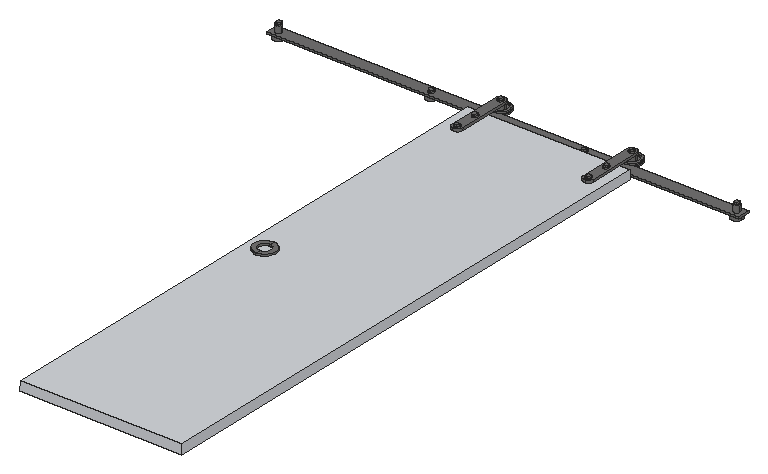
Revit family
Parameters (values of type "Steel, Black, 70"")
  zz Material 3 = Steel - Krown Lab - Black
  zz Material 2 = Steel - Krown Lab - Black
  zz Material 1 = Steel - Krown Lab - Black
  zz Length 9 [instance] = (zz Length 1 - 3.042") / 2  # 10.479"
  zz Length 8 = if(zz Integer 1 = 1, 116.000", if(zz Integer 1 = 3, 70.000", if(zz Integer 1 = 2, 94.000", 0.000")))  # 70.000"
  zz Length 7 [instance] = zz Length 8 - 1.000"  # 69.000"
  zz Length 6 [instance] = ((zz Length 8 + zz Length 10) - (zz Length 7) + zz Length 9) + 0.500"  # 83.979"
  zz Length 5 [instance] = (zz Length 8 + zz Length 10) - 1.500" - zz Length 9  # 130.021"
  zz Length 4 [instance] = 100.000"
  zz Length 3 [instance] = if(zz Length 4 > zz Length 5, zz Length 5, if(zz Length 4 < zz Length 6, zz Length 6, zz Length 4))  # 100.000"
  zz Length 2 [instance] = if(Has 1 Track Mount Spacer, 1.563", 2.750")  # 1.563"
  zz Length 10 = 72.000"  # constant formula
  zz Length 1 [instance] = if(Panel Width < 16.375", 16.375", Panel Width)  # 24.000"
  zz Integer 2 = 6
  zz Integer 1 = 3
  Panel Depth Actual [instance] = if(Panel Depth Desired < 1.375", 1.375", if(Panel Depth Desired > 1.750", 1.750", Panel Depth Desired))  # 1.375"
  URL = "http://www.krownlab.com/"
  Type Comments = "To Modify the Panel, edit the nested Panel Family and reload into the Door"  # constant formula
  Track Length [instance] = zz Length 8  # 70.000"
  Provide Feedback = "https://www.surveymonkey.com/s/3HJZTQD "
  Product Page URL = "http://krownlab.com/axel"
  Product Material = Steel - Krown Lab - Black
  Product Documentation Link = "http://krownlab.com/pdfs/KrownLab-AXEL-Product-Guide.pdf"
  Part Number [instance] = if(and(zz Integer 2 = 6, zz Integer 1 = 1), "L83", if(and(zz Integer 2 = 6, zz Integer 1 = 2), "L82", if(and(zz Integer 2 = 6, zz Integer 1 = 3), "L81", if(and(zz Integer 2 = 5, zz Integer 1 = 1), "L73", if(and(zz Integer 2 = 5, zz Integer 1 = 2), "L72", if(and(zz Integer 2 = 5, zz Integer 1 = 3), "L71", "Not Available"))))))  # "L81"
  Part Description [instance] = if(and(zz Integer 2 = 6, zz Integer 1 = 1), "Axel 116 Inch Black Steel Sliding Track For Custom Sized Panels", if(and(zz Integer 2 = 6, zz Integer 1 = 2), "Axel 94 Inch Black Steel Sliding Track For Custom Sized Panels", if(and(zz Integer 2 = 6, zz Integer 1 = 3), "Axel 70 Inch Black Steel Sliding Track For Custom Sized Panels", if(and(zz Integer 2 = 5, zz Integer 1 = 1), "Axel 116 Inch Raw Steel Sliding Track For Custom Sized Panels", if(and(zz Integer 2 = 5, zz Integer 1 = 2), "Axel 94 Inch Raw Steel Sliding Track For Custom Sized Panels", if(and(zz Integer 2 = 5, zz Integer 1 = 3), "Axel 70 Inch Raw Steel Sliding Track For Custom Sized Panels", "Not Available"))))))  # "Axel 70 Inch Black Steel Sliding Track For Custom Sized Panels"
  Panel Width [instance] = 24.000"
  Panel Material [instance] = none
  Panel Height [instance] = 83.000"
  Panel Depth Desired [instance] = 1.375"
  Original Creation Date = "1/8/2014"  # constant formula
  Mounting Hardware [instance] = "Face Mount"  # constant formula
  Model Disclaimer = "For More Information, Contact Krown Lab"  # constant formula
  Model = "See Part Number"  # constant formula
  Max Panel Weight [instance] = 150.00 lbf  # constant formula
  Manufacturer = "Krown Lab"  # constant formula
  Has 2 Track Mount Spacers [instance] = not(Has 1 Track Mount Spacer)  # no
  Has 1 Track Mount Spacer [instance] = yes
  Handle Material = Steel - Krown Lab - Black
  Handle [instance] = Handle : Ring Pull
  Family Version = "1.0.0"  # constant formula
  Equipment Number [instance] = ""
  Equipment Abbreviation = "DR"
  Description = "See Part Description"  # constant formula
  Date Last Modified = "1/8/2014"  # constant formula
  Copyright = "Copyright © Krown Lab"  # constant formula
  Configuration [instance] = "Available"  # constant formula
  Assembly Code = ""
Types (6): name | zz Material 3 | zz Material 2 | zz Material 1 | zz Length 8 | zz Length 7 | zz Length 5 | zz Integer 2 | zz Integer 1 | Track Length | Product Material | Part Number | Part Description | Handle Material
  Steel, Raw, 94" | Steel - Krown Lab - Raw | Steel - Krown Lab - Raw | Stainless Steel - Krown Lab - Brushed | 94.000" | 93.000" | 154.021" | 5 | 2 | 94.000" | Steel - Krown Lab - Raw | "L72" | "Axel 94 Inch Raw Steel Sliding Track For Custom Sized Panels" | Steel - Krown Lab - Raw
  Steel, Black, 94" | Steel - Krown Lab - Black | Steel - Krown Lab - Black | Steel - Krown Lab - Black | 94.000" | 93.000" | 154.021" | 6 | 2 | 94.000" | Steel - Krown Lab - Black | "L82" | "Axel 94 Inch Black Steel Sliding Track For Custom Sized Panels" | Steel - Krown Lab - Black
  Steel, Raw, 70" | Steel - Krown Lab - Raw | Steel - Krown Lab - Raw | Stainless Steel - Krown Lab - Brushed | 70.000" | 69.000" | 130.021" | 5 | 3 | 70.000" | Steel - Krown Lab - Raw | "L71" | "Axel 70 Inch Raw Steel Sliding Track For Custom Sized Panels" | Steel - Krown Lab - Raw
  Steel, Black, 70" | Steel - Krown Lab - Black | Steel - Krown Lab - Black | Steel - Krown Lab - Black | 70.000" | 69.000" | 130.021" | 6 | 3 | 70.000" | Steel - Krown Lab - Black | "L81" | "Axel 70 Inch Black Steel Sliding Track For Custom Sized Panels" | Steel - Krown Lab - Black
  Steel, Black, 116" | Steel - Krown Lab - Black | Steel - Krown Lab - Black | Steel - Krown Lab - Black | 116.000" | 115.000" | 176.021" | 6 | 1 | 116.000" | Steel - Krown Lab - Black | "L83" | "Axel 116 Inch Black Steel Sliding Track For Custom Sized Panels" | Steel - Krown Lab - Black
  Steel, Raw, 116" | Steel - Krown Lab - Raw | Steel - Krown Lab - Raw | Stainless Steel - Krown Lab - Brushed | 116.000" | 115.000" | 176.021" | 5 | 1 | 116.000" | Steel - Krown Lab - Raw | "L73" | "Axel 116 Inch Raw Steel Sliding Track For Custom Sized Panels" | Steel - Krown Lab - Raw
Reference planes (in)
  plane 1 "Center (Front/Back)": y = 0
  plane 2: z = 0
  plane 3 "Center (Left/Right)": x = 0
  plane 4: x = -35
  plane 5: x = 35
  plane 6: x = 107
  plane 7: x = 7
  plane 8: y = -85.063
  plane 9: y = -2.063
  plane 10: y = -43.563
  plane 11: y = -43.063
  plane 12: x = -5
  plane 13: x = 19
  plane 14: x = -2.3
  plane 15: z = 0.188
  plane 16: z = 1.563
  plane 17: z = 0.8755
Lines and regions (in)
  reference lines
    curve 1: line (7, -2.063, 0) -> (7, -85.063, 0)
Text (in)
  text "To Modify the Panel, edit the nested Panel Family and reload into the Door" at (-131.64405, 24.70718, 0), in view "Ref. Level"
Dimensions and locks (in)
  equal spacing: plane 4, plane 3 "Center (Left/Right)", plane 5
  "zz Length 8": plane 4 to plane 5
  "zz Length 10": plane 5 to plane 6
  "zz Length 4": curve 1 to plane 6
  "zz Length 3": plane 7 to plane 6
  "Panel Height": plane 9 to plane 8
  locked: plane 9 to plane 1 "Center (Front/Back)" at 2.063
  equal spacing: plane 12, plane 7, plane 13
  "zz Length 1": plane 12 to plane 13
  locked: plane 12 to plane 14 at 2.7
  "Panel Depth Actual": plane 16 to plane 15
  "zz Length 2": plane 16 to plane 2
  equal spacing: plane 9, plane 10, plane 8
  equal spacing: plane 16, plane 17, plane 15
  locked: plane 11 to plane 8 at 42
  aligned and locked: plane 2 to level
  aligned and locked: plane 8 to curve 1
  aligned and locked: nested 1 to plane 10
  aligned and locked: plane 7 to nested 1
  aligned and locked: nested 2 to plane 11
  aligned and locked: plane 14 to nested 2
  aligned and locked: nested 3 to plane 4
  aligned and locked: plane 9 to curve 1
Nested families (in)
  nested 1: "Panel" at (7, -43.563, 0.188), Panel Width <- "zz Length 1", Panel Thickness <- "Panel Depth Actual", Panel Height <- "Panel Height", Panel Material <- "Panel Material", type "Standard"
    with Panel Width 24.000", Panel Thickness 1.375", Panel Material none, Panel Height 83.000"
  nested 2: "Handle" at (-2.3, -43.063, 0.8755), Panel Thickness <- "Panel Depth Actual", Material <- "zz Material 3", type <- "Handle", Rail Material <- "zz Material 2", type "Ring Pull", detail levels fine
    with Rail Material Steel - Krown Lab - Black, Panel Thickness 1.375", Material Steel - Krown Lab - Black, Handle Height 18.000"
  nested 3: "Axel Track" at (-35, 0, 0), Panel Width <- "zz Length 1", Panel Height <- "Panel Height", Panel Depth <- "Panel Depth Actual", z Panel Location Desired <- "zz Length 3", z Trolly Material <- "zz Material 1", Product Material <- "Product Material", z Track Offset <- "zz Length 10", Has 1 Track Mount Spacer <- "Has 1 Track Mount Spacer", z Track Length <- "zz Length 8", type "Standard"
    with z Trolly Material Steel - Krown Lab - Black, z Track Offset 72.000", z Track Length 70.000", z Spacer Offset 1.543", z Panel Width 24.000", z Panel Overlap 12.000", z Panel Offset 1.875", z Panel Location Desired 100.000", z Panel Location 100.000", z Panel Height 83.000", z PL Min 83.979", z PL Max 130.021", z Hole Location 69.000", Q A 10.479", Product Material Steel - Krown Lab - Black, Panel Width 24.000", Panel Height 83.000", Panel Depth 1.375", Opening Width 0.000", built-in parameter 1001306 5.8333 (stored number, unit not read), Has 2 Track Mount Spacers no, Has 1 Track Mount Spacer yes
Definition of nested family "Panel"
  Parameters (values of type "Standard")
    Panel Width [instance] = 58.000"
    Panel Thickness [instance] = 3.000"
    Panel Material [instance] = none
    Panel Height [instance] = 102.000"
    Assembly Code = ""
  Reference planes (in)
    plane 1 "Center (Front/Back)": y = 0
    plane 2: z = 0
    plane 3 "Center (Left/Right)": x = 0
    plane 4: y = -51
    plane 5: y = 51
    plane 6: x = -29
    plane 7: x = 29
    plane 8: z = 3
  Forms (in)
    Extrusion 1, solid, material <- "Panel Material"
      sketch origin (0, 0, 0) x (1, 0, 0) y (0, 1, 0)
        loop
          line (-29, 51) -> (-29, -51) -> (29, -51) -> (29, 51) -> (-29, 51)
      from 0 to 3
  Lines and regions (in)
    Masking region 1
      outline origin (0, 0, 0) x (1, 0, 0) y (0, 0, 1)
        loop
          line (-29, 3) -> (-29, 0) -> (29, 0) -> (29, 3) -> (-29, 3)
  Text (in)
    text "This Family is intended to be editable,\n\nbut dont modify the presently applied parameters\n\n(Panel Width, Panel Height, Panel Thickness)\n\nor the constraints." at (-58.6655, -74.93645, 0), in view "Ref. Level"
  Dimensions and locks (in)
    equal spacing: plane 6, plane 3 "Center (Left/Right)", plane 7
    equal spacing: plane 5, plane 1 "Center (Front/Back)", plane 4
    "Panel Height": plane 5 to plane 4
    "Panel Width": plane 6 to plane 7
    "Panel Thickness": plane 8 to plane 2
    aligned and locked: plane 2 to level
    aligned and locked: Extrusion 1 sketch curve to plane 5
    aligned and locked: Extrusion 1 sketch curve to plane 6
    aligned and locked: plane 4 to Extrusion 1 sketch curve
    aligned and locked: plane 7 to Extrusion 1 sketch curve
    aligned and locked: Extrusion 1 to plane 2
    aligned and locked: plane 8 to Extrusion 1
    aligned and locked: Masking region 1 sketch curve to plane 6
    aligned and locked: Masking region 1 sketch curve to plane 8
    aligned and locked: plane 2 to Masking region 1 sketch curve
    aligned and locked: plane 7 to Masking region 1 sketch curve
Definition of nested family "Handle"
  Parameters (values of type "None")
    Rings Visible = no
    Rail Material [instance] = none
    Panel Thickness [instance] = 4.000"
    Material [instance] = none
    Handle Height [instance] = 18.000"
    Front Rail Visible = no
    Back Rail Visible = no
    Assembly Code = ""
  Types (4): name | Rings Visible | Front Rail Visible | Back Rail Visible
    None | no | no | no
    Ring Pull | yes | no | no
    18" Rail Pull | no | yes | no
    18" Rail Pull, Double Sided | no | yes | yes
  Reference planes (in)
    plane 1 "Center (Front/Back)": y = 0
    plane 2: z = 0
    plane 3 "Center (Left/Right)": x = 0
    plane 4: y = -9
    plane 5: y = 9
    plane 6: x = -0.375
    plane 7: x = 0.375
    plane 8: z = 2
    plane 9: z = -2
    plane 10: z = 4
    plane 11: z = -4
    plane 12: y = 0.9375
    plane 13: y = 1.625
    plane 14: z = 2.1875
    plane 15: z = -2.1875
  Forms (in)
    Extrusion 1, solid, material <- "Rail Material", visible <- "Front Rail Visible"
      sketch origin (0, 0, 0) x (1, 0, 0) y (0, 1, 0)
        loop
          line (-0.375, 9) -> (-0.375, -9) -> (0.375, -9) -> (0.375, 9) -> (-0.375, 9)
      from 2 to 4
    Extrusion 2, solid, material <- "Rail Material", visible <- "Back Rail Visible"
      sketch origin (0, 0, 0) x (1, 0, 0) y (0, 1, 0)
        loop
          line (-0.375, 9) -> (-0.375, -9) -> (0.375, -9) -> (0.375, 9) -> (-0.375, 9)
      from -4 to -2
    Revolve 3, solid, material <- "Material", visible <- "Rings Visible"
      sketch origin (0, 0, 0) x (0, 1, 0) y (0, 0, 1)
        loop
          line (0.9375, 2.1875) -> (0.9375, 2) -> (1.625, 2) -> (1.625, 2.1875) -> (0.9375, 2.1875)
        loop
          line (0.9375, -2) -> (0.9375, -2.1875) -> (1.625, -2.1875) -> (1.625, -2) -> (0.9375, -2)
        axis (0, -2.1875) -> (0, 2.1875)
      angle from 0 to 360
  Dimensions and locks (in)
    equal spacing: plane 4, plane 1 "Center (Front/Back)", plane 5
    "Handle Height": plane 5 to plane 4
    plane 6 to plane 3 "Center (Left/Right)" to plane 7 = 0.375" locked, 0.375" locked
    equal spacing: plane 8, plane 2, plane 9
    "Panel Thickness": plane 8 to plane 9
    plane 10 to plane 14 to plane 8 = 1.8125" locked, 0.1875" locked
    plane 9 to plane 15 to plane 11 = 0.1875" locked, 1.8125" locked
    aligned and locked: plane 2 to level
    aligned and locked: Extrusion 1 sketch curve to plane 5
    aligned and locked: Extrusion 1 sketch curve to plane 6
    aligned and locked: plane 4 to Extrusion 1 sketch curve
    aligned and locked: plane 7 to Extrusion 1 sketch curve
    aligned and locked: Extrusion 1 to plane 8
    aligned and locked: plane 10 to Extrusion 1
    aligned and locked: plane 4 to Extrusion 2 sketch curve
    aligned and locked: Extrusion 2 sketch curve to plane 5
    aligned and locked: plane 7 to Extrusion 2 sketch curve
    aligned and locked: Extrusion 2 sketch curve to plane 6
    aligned and locked: Extrusion 2 to plane 11
    aligned and locked: plane 9 to Extrusion 2
    aligned and locked: plane 15 to Revolve 3 sketch curve
    aligned and locked: Revolve 3 sketch curve to plane 13  (x2)
    aligned and locked: Revolve 3 sketch curve to plane 14
    aligned and locked: Revolve 3 sketch curve to plane 9
    aligned and locked: plane 8 to Revolve 3 sketch curve
    aligned and locked: plane 12 to Revolve 3 sketch curve  (x2)
    aligned and locked: Revolve 3 sketch curve to plane 1 "Center (Front/Back)"
  Automatic sketch dimensions
    Revolve 3 sketch curve to plane 11 = 20.000"
    plane 10 to Revolve 3 sketch curve = 88.27586"
Definition of nested family "Axel Track"
  Parameters (values of type "Standard")
    z Trolly Material [instance] = Steel - Krown Lab - Raw
    z Track Offset [instance] = 72.000"
    z Track Length [instance] = 94.000"
    z Spacer Offset [instance] = if(Has 1 Track Mount Spacer, 1.543", 2.170")  # 2.170"
    z Panel Width [instance] = if(Panel Width < 16.375", 16.375", Panel Width)  # 24.042"
    z Panel Overlap [instance] = (Panel Width - Opening Width) / 2  # -2.979"
    z Panel Offset [instance] = 1.250"
    z Panel Location Desired [instance] = 100.000"
    z Panel Location [instance] = if(z Panel Location Desired > z PL Max, z PL Max, if(z Panel Location Desired < z PL Min, z PL Min, z Panel Location Desired))  # 100.000"
    z Panel Height [instance] = if(Panel Height < 4.750", 4.750", Panel Height)  # 84.000"
    z PL Min [instance] = (([built-in parameter 1001306] + z Track Offset) - (z Hole Location) + Q A) + 0.500"  # 84.000"
    z PL Max [instance] = ([built-in parameter 1001306] + z Track Offset) - 1.500" - Q A  # 154.000"
    z Hole Location [instance] = [built-in parameter 1001306] - 1.000"  # 93.000"
    URL = ""
    Type Comments = ""
    Q A [instance] = (z Panel Width - 3.042") / 2  # 10.500"
    Product Material [instance] = Steel - Krown Lab - Raw
    Panel Width [instance] = 24.042"
    Panel Height [instance] = 84.000"
    Panel Depth [instance] = 1.750"
    Opening Width [instance] = 30.000"
    Model = ""
    Manufacturer = ""
    built-in parameter 1001306 [instance] = z Track Length  # 94.000"
    Has 2 Track Mount Spacers [instance] = not(Has 1 Track Mount Spacer)  # yes
    Has 1 Track Mount Spacer [instance] = no
    Handle Material = none
    Description = ""
    Assembly Code = ""
  Reference planes (in)
    plane 1 "Center (Front/Back)": y = 0
    plane 2: z = 0
    plane 3 "Left": x = 0
    plane 4 "Right": x = 94
    plane 5: z = 0.375
    plane 6: z = 1.095
    plane 7: z = -0.5
    plane 8: z = 1.245
    plane 9: z = 2.17
    plane 10: z = 2.47
    plane 11: z = 1.25
    plane 12: x = 1
    plane 13: x = 67
    plane 14: y = -44.0625
    plane 15: y = -86.0625
    plane 16: y = -44.0625
    plane 17: y = 1.075
    plane 18: y = 1.2
    plane 19: y = -2.0625
    plane 20: y = -1.75
    plane 21: y = -0.875
    plane 22: y = -6.8125
    plane 23: x = 53.979
    plane 24: x = 66
    plane 25: x = 78.021
    plane 26: x = 52.721
    plane 27: x = 55.5
    plane 28: x = 57
    plane 29: x = 56.25
    plane 30: x = 76.5
    plane 31: x = 75.75
    plane 32: x = 75
    plane 33: x = 166
    plane 34: y = -2.55
    plane 35: x = -1
    plane 36: x = 95
    plane 37: y = 4.075
    plane 38: y = -87.0625
    plane 39: z = -1
    plane 40: z = 2.25
    plane 41: y = 1.928
    plane 42: y = -7.424
    plane 43: y = -0.66
    plane 44: z = 0.695
    plane 45: z = 1.22
    plane 46: z = 1.47
    plane 47: z = 2.67
    plane 48: y = 0.75
    plane 49: y = 0.5625
    plane 50: y = 0.1875
    plane 51: x = 93
    plane 52: y = -3.5625
    plane 53: z = 2.87
    plane 54: z = 2.763
    plane 55: z = 0.677
    plane 56: x = 31.66667
    plane 57: x = 62.33333
    plane 58: z = 2.53
    plane 59: z = 2.765
    plane 60: z = 2.375
    plane 61: z = 1.595
    plane 62: z = 1.53
    plane 63: z = 1.765
  Forms (in)
    Extrusion 1, solid, material "Steel - Krown Lab - Raw" <- "Product Material"
      sketch origin (0, 0, 0) x (1, 0, 0) y (0, 1, 0)
        loop
          line (0, 0) -> (0, -1.75) -> (94, -1.75) -> (94, 0) -> (0, 0)
      from 1.22 to 1.47
    Extrusion 2, solid, material "Steel - Krown Lab - Raw" <- "z Trolly Material", detail levels medium+fine
      sketch origin (0, 0, 0) x (1, 0, 0) y (0, 1, 0)
        loop
          circle (56.25, 1.2) r 1.39
        loop
          circle (75.75, 1.2) r 1.4375
      from 1.095 to 1.595
    Extrusion 3, solid, material "Steel - Krown Lab - Raw" <- "Product Material", detail levels medium+fine
      sketch origin (0, 0, 0) x (1, 0, 0) y (0, 1, 0)
        loop
          arc (55.5, -6.8125) -> (56.25, -7.5625) -> (57, -6.8125) r 0.75
          line (57, -6.8125) -> (57, 1.2)
          arc (57, 1.2) -> (56.25, 1.95) -> (55.5, 1.2) r 0.75
          line (55.5, 1.2) -> (55.5, -6.8125)
        loop
          arc (75, -6.8125) -> (75.75, -7.5625) -> (76.5, -6.8125) r 0.75
          line (76.5, -6.8125) -> (76.5, 1.2)
          arc (76.5, 1.2) -> (75.75, 1.95) -> (75, 1.2) r 0.75
          line (75, 1.2) -> (75, -6.8125)
      from 2.17 to 2.47
    Extrusion 4, void
      sketch origin (0, 0, 0) x (1, 0, 0) y (0, 1, 0)
        loop
          circle (56.25, 1.2) r 1.065
      from 1.47 to 1.595
    Extrusion 5, void
      sketch origin (0, 0, 0) x (1, 0, 0) y (0, 1, 0)
        loop
          circle (56.25, 1.2) r 1.03096
      from 1.095 to 1.22
    Extrusion 6, void
      sketch origin (0, 0, 0) x (1, 0, 0) y (0, 1, 0)
        loop
          circle (56.25, 1.2) r 1.438
        loop
          circle (56.25, 1.2) r 1.2375
      from 1.22 to 1.47
    Extrusion 7, void
      sketch origin (0, 0, 0) x (1, 0, 0) y (0, 1, 0)
        loop
          circle (75.75, 1.2) r 1.065
      from 1.47 to 1.595
    Extrusion 8, void
      sketch origin (0, 0, 0) x (1, 0, 0) y (0, 1, 0)
        loop
          circle (75.75, 1.2) r 1.03096
      from 1.095 to 1.22
    Extrusion 9, void
      sketch origin (0, 0, 0) x (1, 0, 0) y (0, 1, 0)
        loop
          circle (75.75, 1.2) r 1.4375
        loop
          circle (75.75, 1.2) r 1.2375
      from 1.22 to 1.47
    Extrusion 10, solid, material "Steel - Krown Lab - Raw" <- "z Trolly Material", detail levels fine
      sketch origin (0, 0, 0) x (1, 0, 0) y (0, 1, 0)
        loop
          line (56.575, 1.2) -> (56.4125, 1.48146) -> (56.0875, 1.48146) -> (55.925, 1.2) -> (56.0875, 0.91854) -> (56.4125, 0.91854) -> (56.575, 1.2)
        loop
          line (56.575, -3.5625) -> (56.4125, -3.28104) -> (56.0875, -3.28104) -> (55.925, -3.5625) -> (56.0875, -3.84396) -> (56.4125, -3.84396) -> (56.575, -3.5625)
        loop
          line (56.575, -6.8125) -> (56.4125, -6.53104) -> (56.0875, -6.53104) -> (55.925, -6.8125) -> (56.0875, -7.09396) -> (56.4125, -7.09396) -> (56.575, -6.8125)
        loop
          line (76.075, -3.5625) -> (75.9125, -3.28104) -> (75.5875, -3.28104) -> (75.425, -3.5625) -> (75.5875, -3.84396) -> (75.9125, -3.84396) -> (76.075, -3.5625)
        loop
          line (76.075, -6.8125) -> (75.9125, -6.53104) -> (75.5875, -6.53104) -> (75.425, -6.8125) -> (75.5875, -7.09396) -> (75.9125, -7.09396) -> (76.075, -6.8125)
        loop
          line (76.075, 1.2) -> (75.9125, 1.48146) -> (75.5875, 1.48146) -> (75.425, 1.2) -> (75.5875, 0.91854) -> (75.9125, 0.91854) -> (76.075, 1.2)
      from 2.53 to 2.765
    Extrusion 11, solid, material "Steel - Krown Lab - Black", detail levels fine
      sketch origin (0, 0, 0) x (1, 0, 0) y (0, 1, 0)
        loop
          circle (31.66667, -0.875) r 0.8
        loop
          circle (62.33333, -0.875) r 0.8
        loop
          circle (1, -0.875) r 0.8
        loop
          circle (93, -0.875) r 0.8
      from 0 to 1.22
    Extrusion 12, solid, material "Steel - Krown Lab - Raw" <- "z Trolly Material", detail levels fine
      sketch origin (0, 0, 0) x (1, 0, 0) y (0, 1, 0)
        loop
          circle (56.25, 1.2) r 0.4
        loop
          circle (75.75, 1.2) r 0.4
        loop
          circle (56.25, -3.5625) r 0.4
        loop
          circle (75.75, -3.5625) r 0.4
        loop
          circle (56.25, -6.8125) r 0.4
        loop
          circle (75.75, -6.8125) r 0.4
      from 2.47 to 2.53
    Extrusion 13, solid, material "Steel - Krown Lab - Black", detail levels fine
      sketch origin (0, 0, 0) x (1, 0, 0) y (0, 1, 0)
        loop
          circle (1, -0.875) r 0.415
        loop
          circle (93, -0.875) r 0.415
      from 1.47 to 2.47
    Extrusion 14, solid, material "Steel - Krown Lab - Raw" <- "z Trolly Material", detail levels fine
      sketch origin (0, 0, 0) x (1, 0, 0) y (0, 1, 0)
        loop
          line (1.325, -0.875) -> (1.1625, -0.59354) -> (0.8375, -0.59354) -> (0.675, -0.875) -> (0.8375, -1.15646) -> (1.1625, -1.15646) -> (1.325, -0.875)
        loop
          line (93.325, -0.875) -> (93.1625, -0.59354) -> (92.8375, -0.59354) -> (92.675, -0.875) -> (92.8375, -1.15646) -> (93.1625, -1.15646) -> (93.325, -0.875)
      from 2.53 to 2.765
    Extrusion 15, solid, material "Steel - Krown Lab - Raw" <- "z Trolly Material", detail levels medium+fine
      sketch origin (0, 0, 0) x (1, 0, 0) y (0, 1, 0)
        loop
          circle (56.25, 1.2) r 0.625
        loop
          circle (75.75, 1.2) r 0.625
      from 1.47 to 2.17
    Extrusion 16, solid, material "Steel - Krown Lab - Raw" <- "z Trolly Material", detail levels fine
      sketch origin (0, 0, 0) x (1, 0, 0) y (0, 1, 0)
        loop
          line (31.99167, -0.875) -> (31.82917, -0.59354) -> (31.50417, -0.59354) -> (31.34167, -0.875) -> (31.50417, -1.15646) -> (31.82917, -1.15646) -> (31.99167, -0.875)
        loop
          line (62.65833, -0.875) -> (62.49583, -0.59354) -> (62.17083, -0.59354) -> (62.00833, -0.875) -> (62.17083, -1.15646) -> (62.49583, -1.15646) -> (62.65833, -0.875)
      from 1.53 to 1.765
    Extrusion 17, solid, material "Steel - Krown Lab - Raw" <- "z Trolly Material", detail levels fine
      sketch origin (0, 0, 0) x (1, 0, 0) y (0, 1, 0)
        loop
          circle (31.66667, -0.875) r 0.4
        loop
          circle (62.33333, -0.875) r 0.4
      from 1.47 to 1.53
    Extrusion 18, solid, material "Steel - Krown Lab - Raw" <- "z Trolly Material", detail levels fine
      sketch origin (0, 0, 0) x (1, 0, 0) y (0, 1, 0)
        loop
          circle (1, -0.875) r 0.4
        loop
          circle (93, -0.875) r 0.4
      from 2.47 to 2.53
  Cuts and joins
    Extrusion 4, Extrusion 5, Extrusion 6, Extrusion 7, Extrusion 8, Extrusion 9 cuts Extrusion 2
  Lines and regions (in)
    Masking region 1
      outline origin (0, 0, 0) x (1, 0, 0) y (0, 0, 1)
        loop
          line (0, 2.17) -> (0, 1.095) -> (94, 1.095) -> (94, 2.17) -> (0, 2.17)
    reference lines
      curve 1: line (0, 0, 0) -> (94, 0, 0)
  Text (in)
    text "To Modify the Panel, edit the nested Panel Family and reload into the Door" at (-101.19156, 12.03068, 0), in view "Ref. Level"
  Dimensions and locks (in)
    "built-in parameter 1001306": plane 3 "Left" to plane 4 "Right"
    equal spacing: plane 11, plane 5, plane 7
    "z Panel Offset": plane 11 to plane 2
    "Panel Depth": plane 11 to plane 7
    "z Spacer Offset": plane 9 to plane 2
    equal spacing: plane 19, plane 14, plane 15
    locked: plane 16 to plane 15 at 42
    plane 18 to plane 17 to plane 48 to plane 49 to plane 50 to plane 1 "Center (Front/Back)" to plane 21 to plane 20 to plane 19 to plane 34 to plane 22 to plane 42 = 0.125" locked, 0.325" locked, 0.1875" locked, 0.375" locked, 0.1875" locked, 0.875", 0.875", 0.3125", 0.4875", 4.2625", 0.6115"
    "z Panel Height": plane 19 to plane 15
    plane 10 to plane 9 to plane 61 to plane 8 to plane 6 to plane 44 = 0.300" locked, 0.575" locked, 0.350" locked, 0.150" locked, 0.400" locked
    equal spacing: plane 23, plane 24, plane 25
    plane 26 to plane 23 to plane 27 to plane 29 to plane 28 = 1.258" locked, 1.521" locked, 0.750" locked, 0.750" locked
    plane 32 to plane 31 to plane 30 to plane 25 = 0.750" locked, 0.750" locked, 1.521" locked
    "z Track Offset": plane 4 "Right" to plane 33
    locked: plane 35 to plane 3 "Left" at 1
    locked: plane 4 "Right" to plane 36 at 1
    locked: plane 37 to plane 18 at 2.875
    locked: plane 15 to plane 38 at 1
    locked: plane 2 to plane 39 at 1
    locked: plane 40 to plane 11 at 1
    locked: plane 45 to plane 6 at 0.125
    locked: plane 47 to plane 9 at 0.5
    locked: plane 3 "Left" to plane 12 at 1
    locked: plane 19 to plane 52 at 1.5
    locked: plane 53 to plane 10 at 0.4
    locked: plane 54 to plane 10 at 0.293
    locked: plane 54 to plane 55 at 2.086
    locked: plane 18 to plane 41 at 0.728
    locked: plane 43 to plane 41 at 2.588
    "z Hole Location": plane 3 "Left" to plane 51
    "z Track Length": plane 3 "Left" to plane 4 "Right"
    "z Panel Location": plane 24 to plane 33
    "Panel Width": plane 23 to plane 25
    equal spacing: plane 12, plane 56, plane 57, plane 51
    locked: plane 58 to plane 10 at 0.06
    locked: plane 59 to plane 58 at 0.235
    Extrusion 10 sketch curve to Extrusion 10 sketch curve to Extrusion 10 sketch curve to Extrusion 10 sketch curve to Extrusion 10 sketch curve to Extrusion 10 sketch curve to Extrusion 10 sketch curve to Extrusion 10 sketch curve to Extrusion 10 sketch curve to plane 29 to Extrusion 10 sketch curve to Extrusion 10 sketch curve to Extrusion 10 sketch curve to Extrusion 10 sketch curve to Extrusion 10 sketch curve to Extrusion 10 sketch curve to Extrusion 10 sketch curve to Extrusion 10 sketch curve to Extrusion 10 sketch curve = 0.000" locked, 0.000" locked, 0.1625" locked, 0.000" locked, 0.000" locked, 0.000" locked, 0.000" locked, 0.000" locked, 0.1625" locked, 0.1625" locked, 0.000" locked, 0.000" locked, 0.000" locked, 0.000" locked, 0.000" locked, 0.1625" locked, 0.000" locked, 0.000" locked
    Extrusion 10 sketch curve to Extrusion 10 sketch curve to Extrusion 10 sketch curve to Extrusion 10 sketch curve to Extrusion 10 sketch curve to Extrusion 10 sketch curve to Extrusion 10 sketch curve to Extrusion 10 sketch curve to Extrusion 10 sketch curve to plane 31 to Extrusion 10 sketch curve to Extrusion 10 sketch curve to Extrusion 10 sketch curve to Extrusion 10 sketch curve to Extrusion 10 sketch curve to Extrusion 10 sketch curve to Extrusion 10 sketch curve to Extrusion 10 sketch curve to Extrusion 10 sketch curve = 0.000" locked, 0.000" locked, 0.1625" locked, 0.000" locked, 0.000" locked, 0.000" locked, 0.000" locked, 0.000" locked, 0.1625" locked, 0.1625" locked, 0.000" locked, 0.000" locked, 0.000" locked, 0.000" locked, 0.000" locked, 0.1625" locked, 0.000" locked, 0.000" locked
    Extrusion 10 sketch curve to plane 52 to Extrusion 10 sketch curve = 0.28146" locked, 0.28146" locked  (x2)
    Extrusion 10 sketch curve to plane 22 to Extrusion 10 sketch curve = 0.28146" locked, 0.28146" locked  (x2)
    Extrusion 10 sketch curve to plane 18 to Extrusion 10 sketch curve = 0.28146" locked, 0.28146" locked  (x2)
    equal spacing: Extrusion 11 sketch curve, Extrusion 11 sketch curve, Extrusion 11 sketch curve, Extrusion 11 sketch curve
    Extrusion 14 sketch curve to Extrusion 14 sketch curve to Extrusion 14 sketch curve to plane 51 to Extrusion 14 sketch curve to Extrusion 14 sketch curve to Extrusion 14 sketch curve = 0.1625", 0.000", 0.1625", 0.1625", 0.000", 0.1625"
    Extrusion 14 sketch curve to Extrusion 14 sketch curve to Extrusion 14 sketch curve to plane 12 to Extrusion 14 sketch curve to Extrusion 14 sketch curve to Extrusion 14 sketch curve = 0.1625" locked, 0.000" locked, 0.1625" locked, 0.1625" locked, 0.000" locked, 0.1625"
    Extrusion 14 sketch curve to plane 21 to Extrusion 14 sketch curve = 0.28146" locked, 0.28146" locked  (x2)
    plane 20 to plane 1 "Center (Front/Back)" = 1.750"
    plane 20 to plane 19 = 0.3125"
    plane 19 to plane 52 = 1.500"
    plane 52 to plane 22 = 3.250"
    plane 19 to plane 22 = 4.750"
    plane 19 to Extrusion 3 = 5.500"
    locked: plane 61 to plane 46 at 0.125
    Extrusion 16 sketch curve to Extrusion 16 sketch curve to Extrusion 16 sketch curve to plane 56 to Extrusion 16 sketch curve to Extrusion 16 sketch curve to Extrusion 16 sketch curve = 0.1625" locked, 0.000" locked, 0.1625" locked, 0.1625" locked, 0.000" locked, 0.1625" locked
    Extrusion 16 sketch curve to Extrusion 16 sketch curve to Extrusion 16 sketch curve to plane 57 to Extrusion 16 sketch curve to Extrusion 16 sketch curve to Extrusion 16 sketch curve = 0.1625" locked, 0.000" locked, 0.1625" locked, 0.1625" locked, 0.000" locked, 0.1625" locked
    Extrusion 16 sketch curve to plane 21 to Extrusion 16 sketch curve = 0.28146" locked, 0.28146" locked  (x2)
    locked: plane 62 to plane 46 at 0.06
    locked: plane 63 to plane 62 at 0.235
    aligned and locked: plane 4 "Right" to curve 1
    aligned and locked: plane 3 "Left" to curve 1
    aligned and locked: level to plane 2
    aligned and locked: Extrusion 1 sketch curve to plane 4 "Right"
    aligned and locked: plane 20 to Extrusion 1 sketch curve
    aligned and locked: plane 1 "Center (Front/Back)" to Extrusion 1 sketch curve
    aligned and locked: plane 3 "Left" to Extrusion 1 sketch curve
    aligned and locked: plane 29 to Extrusion 2 sketch curve
    aligned and locked: plane 18 to Extrusion 2 sketch curve  (x2)
    aligned and locked: plane 31 to Extrusion 2 sketch curve
    aligned and locked: Extrusion 2 to plane 6
    aligned: Extrusion 1 to plane 6
    aligned: plane 9 to Extrusion 1
    aligned: plane 9 to Extrusion 2
    aligned and locked: Extrusion 3 to plane 9
    aligned and locked: plane 10 to Extrusion 3
    aligned and locked: plane 6 to Masking region 1 sketch curve
    aligned and locked: Masking region 1 sketch curve to plane 4 "Right"
    aligned and locked: Masking region 1 sketch curve to plane 9
    aligned and locked: plane 3 "Left" to Masking region 1 sketch curve
    aligned and locked: Extrusion 1 to plane 45
    aligned and locked: plane 29 to Extrusion 4 sketch curve
    aligned and locked: plane 18 to Extrusion 4 sketch curve
    aligned and locked: plane 29 to Extrusion 5 sketch curve
    aligned and locked: plane 18 to Extrusion 5 sketch curve
    aligned and locked: Extrusion 5 to Extrusion 1
    aligned and locked: Extrusion 5 to plane 6
    aligned and locked: Extrusion 4 to plane 46
    aligned: plane 9 to Extrusion 4
    aligned and locked: plane 29 to Extrusion 6 sketch curve  (x2)
    aligned and locked: plane 18 to Extrusion 6 sketch curve  (x2)
    aligned and locked: Extrusion 1 to Extrusion 6
    aligned and locked: plane 46 to Extrusion 6
    aligned and locked: plane 31 to Extrusion 7 sketch curve
    aligned and locked: plane 18 to Extrusion 7 sketch curve
    aligned and locked: plane 31 to Extrusion 8 sketch curve
    aligned and locked: plane 18 to Extrusion 8 sketch curve
    aligned and locked: Extrusion 8 to plane 6
    aligned and locked: Extrusion 8 to Extrusion 1
    aligned and locked: Extrusion 7 to plane 46
    aligned: plane 9 to Extrusion 7
    aligned and locked: plane 31 to Extrusion 9 sketch curve  (x2)
    aligned and locked: plane 18 to Extrusion 9 sketch curve  (x2)
    aligned and locked: Extrusion 1 to Extrusion 9
    aligned and locked: plane 46 to Extrusion 9
    aligned: Extrusion 10 to plane 10
    aligned: plane 47 to Extrusion 10
    aligned and locked: plane 46 to Extrusion 1
    aligned: Extrusion 11 to level
    aligned and locked: Extrusion 11 to Extrusion 1
    aligned and locked: plane 21 to Extrusion 11 sketch curve  (x4)
    aligned: Extrusion 11 to plane 2
    aligned and locked: plane 29 to Extrusion 12 sketch curve  (x3)
    aligned and locked: plane 18 to Extrusion 12 sketch curve  (x2)
    aligned and locked: plane 31 to Extrusion 12 sketch curve  (x3)
    aligned and locked: Extrusion 12 to plane 10
    aligned and locked: plane 58 to Extrusion 12
    aligned and locked: Extrusion 10 to plane 58
    aligned and locked: plane 59 to Extrusion 10
    aligned and locked: plane 52 to Extrusion 12 sketch curve  (x2)
    aligned and locked: plane 22 to Extrusion 12 sketch curve  (x2)
    aligned and locked: Extrusion 3 sketch curve to plane 27
    aligned and locked: plane 28 to Extrusion 3 sketch curve
    aligned and locked: plane 18 to Extrusion 3 sketch curve  (x2)
    aligned and locked: plane 29 to Extrusion 3 sketch curve  (x2)
    aligned and locked: plane 22 to Extrusion 3 sketch curve  (x2)
    aligned and locked: plane 30 to Extrusion 3 sketch curve
    aligned and locked: Extrusion 3 sketch curve to plane 32
    aligned and locked: plane 31 to Extrusion 3 sketch curve  (x2)
    aligned and locked: plane 12 to Extrusion 11 sketch curve
    aligned and locked: plane 51 to Extrusion 11 sketch curve
    aligned and locked: plane 12 to Extrusion 13 sketch curve
    aligned and locked: plane 21 to Extrusion 13 sketch curve  (x2)
    aligned and locked: plane 51 to Extrusion 13 sketch curve
    aligned and locked: Extrusion 13 to plane 46
    aligned: plane 9 to Extrusion 13
    aligned: Extrusion 14 to plane 9
    aligned: plane 10 to Extrusion 14
    aligned and locked: plane 61 to cut or joined group of Extrusion 2, Extrusion 4, Extrusion 5, Extrusion 6, Extrusion 7, Extrusion 8, Extrusion 9
    aligned and locked: plane 61 to Extrusion 7
    aligned and locked: plane 61 to Extrusion 4
    aligned and locked: plane 29 to Extrusion 15 sketch curve
    aligned and locked: plane 18 to Extrusion 15 sketch curve  (x2)
    aligned and locked: plane 31 to Extrusion 15 sketch curve
    aligned and locked: plane 10 to Extrusion 13
    aligned and locked: Extrusion 14 to plane 58
    aligned and locked: plane 59 to Extrusion 14
    aligned and locked: plane 56 to Extrusion 17 sketch curve
    aligned and locked: plane 21 to Extrusion 17 sketch curve  (x2)
    aligned and locked: plane 57 to Extrusion 17 sketch curve
    aligned: Extrusion 17 to plane 10
    aligned: plane 58 to Extrusion 17
    aligned and locked: plane 62 to Extrusion 17
    aligned and locked: Extrusion 16 to plane 62
    aligned and locked: plane 63 to Extrusion 16
    aligned and locked: plane 12 to Extrusion 18 sketch curve
    aligned and locked: plane 21 to Extrusion 18 sketch curve  (x2)
    aligned and locked: plane 51 to Extrusion 18 sketch curve
    aligned and locked: plane 58 to Extrusion 18
    aligned and locked: Extrusion 18 to plane 10
    aligned and locked: Extrusion 15 to plane 46
    aligned and locked: plane 9 to Extrusion 15
    aligned and locked: Extrusion 17 to plane 46
    aligned and locked: Extrusion 11 to level
  Automatic sketch dimensions
    plane 1 "Center (Front/Back)" to curve 1 = 0.000"
    Extrusion 10 sketch curve to plane 18 = 0.000"  (x4)
    Extrusion 10 sketch curve to plane 52 = 0.000"  (x4)
    Extrusion 10 sketch curve to plane 22 = 0.000"  (x4)
    Extrusion 14 sketch curve to plane 21 = 0.000"  (x4)
    Extrusion 16 sketch curve to plane 21 = 0.000"  (x4)
    radius of Extrusion 4 sketch curve = 1.065"
    radius of Extrusion 5 sketch curve = 1.03096"
    radius of Extrusion 6 sketch curve = 1.438"
    radius of Extrusion 6 sketch curve = 1.2375"
    radius of Extrusion 7 sketch curve = 1.065"
    radius of Extrusion 8 sketch curve = 1.03096"
    radius of Extrusion 9 sketch curve = 1.4375"
    radius of Extrusion 9 sketch curve = 1.2375"
    radius of Extrusion 12 sketch curve = 0.400"  (x6)
    radius of Extrusion 11 sketch curve = 0.800"  (x4)
    radius of Extrusion 2 sketch curve = 1.390"
    radius of Extrusion 2 sketch curve = 1.4375"
    radius of Extrusion 13 sketch curve = 0.415"  (x2)
    radius of Extrusion 15 sketch curve = 0.625"  (x2)
    radius of Extrusion 17 sketch curve = 0.400"  (x2)
    radius of Extrusion 18 sketch curve = 0.400"  (x2)
